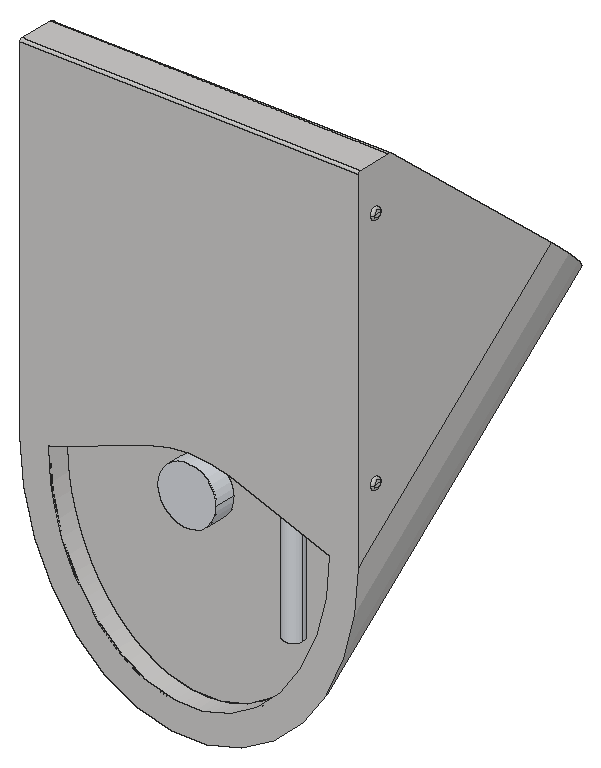
Revit family "DLB060015", category Appareils sanitaires, Revit 2015
Parameters (values of type "Type 1")
  Weight = "7.5kg"
  WarrantyDurationUnit = "10 years"
  WarrantyDescription = "Any manufacturing defect"
  Version = "v1"
  URL = "http://www.delabie.com"
  Radius (In) = 19 mm
  Radius (Out) = 41.5 mm
  Commentaires du type = "Wall-hung single urinal"
  SerialNumber = "3456330153720"
  ProductInformation = "http://www.delabie.com/products/134770\r\n"
  NominalWidth = 385 mm
  NominalLength = 350 mm
  NominalHeight = 585 mm
  Name = "DELTA urinal"
  ModelNumber = "134770"
  Modèle = "DELTA urinal"
  Material = 304 stainless steel
  ManufacturerURL = "http://www.delabie.com"
  ManufacturerName = "DELABIE"
  Fabricant = "DELABIE"
  Grade = "CE"
  Finish = Polished satin
  Features  = "Wall-hung single bowl urinal.\r\nCompatible with all standard frame systems on the market.\r\nBacteriostatic 304 stainless steel. Stainless steel thickness: 1.2mm.\r\nRear water inlet.\r\nRecessed horizontal waste outlet.\r\nSupplied with 1½\" P trap, fixing elements and theft prevention TORX security screws.\r\nCE marked. Complies with European standard EN 13407 for 2L flush.\r\nWeight: 7.5kg."
  Description = "French manufacturer Delabie is a leader in the European sanitary ware market for non-domestic places. Water controls, solutions for disabled people, sanitary ware, for schools, leisure centres, offices, hospitals, airports…"
  Category = "Urinal"
  Assembly Code = ""
Reference planes
  plane 1: y = 0
  plane 2 "Center (Left/Right)": x = 125
  plane 3 "Back": y = 75
Text (mm)
  text "Placement side" at (-1787.139, 592.35, 0), in view "Ref. Level"
  text "Placement side" at (0, 1827.695, 2917.686), in view "Left"
  text "Placement side" at (0, 562.268, 3853.606), in view "Right"
Dimensions and locks
  locked: plane 3 "Back" to host wall at 0
  aligned and locked: host wall to plane 1
Nested families
  nested 1: "0311160001" at (120.255, 75, 1000) x (1, 0, 0) z (0, 1, 0), type "0311160001"
Connectors
  piping at (120.255, 75, 924.551), diameter 41.5, driven by "Radius (Out)"
    settings: on nested 1, index 1, connector inside diameter 609.6 mm, connector length 0 mm, flow factor 0, pipe flow 0.0 L/s, pressure drop 0.0 Pa, fitting loss kfactor 0, connector angle 0.00°, fixture units 0, engagement length 0 mm, angle of deflection 0.00°, flow configuration 0, flow direction 2, fitting loss method 0, system type 16, joint type 0, gender type 0, connector reference index -1, connector utility 0, adjustable connector no, is connector primary yes, connector description "Evacuation"
  piping at (221.694, 85.72, 824.515), diameter 19, driven by "Radius (In)"
    settings: on nested 1, index 2, connector inside diameter 609.6 mm, connector length 0 mm, flow factor 0, pipe flow 0.0 L/s, pressure drop 0.0 Pa, fitting loss kfactor 0, connector angle 0.00°, fixture units 0, engagement length 0 mm, angle of deflection 0.00°, flow configuration 0, flow direction 1, fitting loss method 0, system type 7, joint type 0, gender type 0, connector reference index -1, connector utility 0, adjustable connector no, is connector primary no, connector description "Alimentation"
Definition of nested family "0311160001"
  Parameters (values of type "0311160001")
    URL = "http://www.delabie.fr/"
    Model = "DELABIE"
    Finition = none
    Default Elevation = 1000 mm
    Features 8 = "Weight: 7.5kg."
    Features 7 = "CE marked. Complies with European standard EN 13407 for 2L flush."
    Features 6 = "Supplied with 1½\" P trap, fixing elements and theft prevention TORX security screws."
    Features 5 = "Recessed horizontal waste outlet."
    Features 4 = "Rear water inlet."
    Features 3 = "Bacteriostatic 304 stainless steel. Stainless steel thickness: 1.2mm."
    Features 2 = "Compatible with all standard frame systems on the market."
    Features 1 = "Wall-hung single bowl urinal."
    COBie_Weight = "7.5kg"
    COBie_WarrantyDurationUnit = "10 years"
    COBie_WarrantyDescription = "Any manufacturing defect"
    COBie_Version = "v1"
    COBie_SerialNumber = "3456330153720"
    COBie_ProductInformation = "http://www.delabie.com/products/0311160001"
    COBie_NominalWidth = "38.5cm"
    COBie_NominalLength = "35cm"
    COBie_NominalHeight = "58.5cm"
    COBie_Name = "DELTA urinal"
    COBie_ModelNumber = "0311160001"
    COBie_Material = "304 stainless steel"
    COBie_ManufacturerURL = "http://www.delabie.com"
    COBie_ManufacturerName = "DELABIE"
    COBie_Grade = "CE"
    COBie_Finish = "Polished satin"
    COBie_Description = "Wall-hung single urinal"
    COBie_Category = "Urinal"
  Reference planes
    plane 1 "Center (Front/Back)": y = 0
    plane 2: z = 0
    plane 3 "Center (Left/Right)": x = 0
  Forms (mm)
    Extrusion 1, solid
      sketch origin (0, 0, 0) x (1, 0, 0) y (0, 1, 0)
        loop
          line (-1219.2, 1219.2) -> (-1219.2, -1219.2) -> (1219.2, -1219.2) -> (1219.2, 1219.2) -> (-1219.2, 1219.2)
      from 0 to -304.8
    Extrusion 2, solid, material <- "Finition"
      sketch origin (2.372, -419.879, -489.267) x (-1, 0, 0) y (0, -0.793534, -0.608526)
        loop
          line (-175, -401.97) -> (-175, -694.259)
          arc (-175, -694.259) -> (0, -869.259) -> (175, -694.259) r 175
          line (175, -694.259) -> (175, -401.97) -> (-175, -401.97)
      from -72.379 to 450
    Extrusion 3, void
      sketch origin (2.372, -740.073, -342.056) x (0, -1, 0) y (0, 0, 1)
        loop
          arc (-454.25, 382.99) -> (-453.781, 382.179) -> (-453.618, 381.256) r 2.698
          line (-453.618, 381.256) -> (-453.618, 344.756)
          arc (-453.618, 344.756) -> (-454.409, 342.847) -> (-456.318, 342.056) r 2.7
          line (-456.318, 342.056) -> (-1142.886, 342.056) -> (-678.419, -14.123) -> (-313.304, 461.998) -> (-894.573, 907.748) -> (-454.25, 382.99)
      from -184.462 to 186.834
    SweptBlend 4, void
      path origin (2.372, -740.073, -342.056) x (0, -1, 0) y (0, 0, 1)
        loop
          line (-610.661, 569.393) -> (-764.296, 440.478)
      profile origin (2.372, -129.412, 227.337) x (0, -0.642787, -0.766045) y (-1, 0, 0)
        loop
          arc (-94.027, -119.215) -> (9.357, -133.988) -> (112.74, -119.215) r 369.131
          arc (112.74, -119.215) -> (186.499, 0.283) -> (112.74, 119.782) r 133.681
          arc (112.74, 119.782) -> (9.357, 134.555) -> (-94.027, 119.782) r 369.131
          arc (-94.027, 119.782) -> (-167.786, 0.283) -> (-94.027, -119.215) r 133.681
      end profile origin (2.372, 24.223, 98.422) x (0, -0.642787, -0.766045) y (-1, 0, 0)
        loop
          circle (0, 0) r 25
    Revolve 5, solid, material <- "Finition"
      sketch origin (2.372, -499.879, -518.679) x (0, -0.898345, -0.43929) y (0, -0.43929, 0.898345)
        loop
          line (-521.667, 408.886) -> (-509.193, 415.242) -> (-514.198, 425.063) -> (-515.474, 425.503) -> (-527.113, 419.573) -> (-521.667, 408.886)
        axis (-527.113, 419.573) -> (-521.667, 408.886)
      angle from 0 to 360
    Revolve 6, solid, material <- "Finition"
      sketch origin (2.372, -239.917, -341.9) x (1, 0, 0) y (0, 0, -1)
        loop
          line (-162, -364.502) -> (-162, -362.056) -> (-178, -362.056) -> (-178, -365.579)
          spline (-178, -365.579) -> (-177.94, -366.196) -> (-177.776, -366.682) -> (-177.527, -367.052) -> (-177.216, -367.324) -> (-176.863, -367.513) -> (-176.489, -367.637) -> (-176.115, -367.711) -> (-175.763, -367.748) -> (-175.453, -367.744) -> (-175.205, -367.693) -> (-175.041, -367.589) -> (-174.982, -367.426)
          line (-174.982, -367.426) -> (-174.982, -365.073) -> (-162.572, -365.073) -> (-162, -364.502)
        axis (-178, -362.056) -> (-162, -362.056)
      angle from 0 to 360
    Revolve 7, solid, material <- "Finition"
      sketch origin (2.372, 10.027, -341.9) x (1, 0, 0) y (0, 0, -1)
        loop
          line (-162, -364.502) -> (-162, -362.056) -> (-178, -362.056) -> (-178, -365.579)
          spline (-178, -365.579) -> (-177.94, -366.196) -> (-177.776, -366.682) -> (-177.527, -367.052) -> (-177.216, -367.324) -> (-176.863, -367.513) -> (-176.489, -367.637) -> (-176.115, -367.711) -> (-175.763, -367.748) -> (-175.453, -367.744) -> (-175.205, -367.693) -> (-175.041, -367.589) -> (-174.982, -367.426)
          line (-174.982, -367.426) -> (-174.982, -365.073) -> (-162.572, -365.073) -> (-162, -364.502)
        axis (-178, -362.056) -> (-162, -362.056)
      angle from 0 to 360
    Revolve 8, solid, material <- "Finition"
      sketch origin (2.372, -239.917, -341.9) x (-1, 0, 0) y (0, 0, 1)
        loop
          line (-162, 364.502) -> (-162.572, 365.073) -> (-174.982, 365.073) -> (-174.982, 367.426)
          spline (-174.982, 367.426) -> (-175.041, 367.589) -> (-175.205, 367.693) -> (-175.453, 367.744) -> (-175.763, 367.748) -> (-176.115, 367.711) -> (-176.489, 367.637) -> (-176.863, 367.513) -> (-177.216, 367.324) -> (-177.527, 367.052) -> (-177.776, 366.682) -> (-177.94, 366.196) -> (-178, 365.579)
          line (-178, 365.579) -> (-178, 362.056) -> (-162, 362.056) -> (-162, 364.502)
        axis (-178, 362.056) -> (-162, 362.056)
      angle from 0 to 360
    Revolve 9, solid, material <- "Finition"
      sketch origin (2.372, 10.027, -341.9) x (-1, 0, 0) y (0, 0, 1)
        loop
          line (-162, 364.502) -> (-162.572, 365.073) -> (-174.982, 365.073) -> (-174.982, 367.426)
          spline (-174.982, 367.426) -> (-175.041, 367.589) -> (-175.205, 367.693) -> (-175.453, 367.744) -> (-175.763, 367.748) -> (-176.115, 367.711) -> (-176.489, 367.637) -> (-176.863, 367.513) -> (-177.216, 367.324) -> (-177.527, 367.052) -> (-177.776, 366.682) -> (-177.94, 366.196) -> (-178, 365.579)
          line (-178, 365.579) -> (-178, 362.056) -> (-162, 362.056) -> (-162, 364.502)
        axis (-178, 362.056) -> (-162, 362.056)
      angle from 0 to 360
    Extrusion 10, solid, material <- "Finition", not visible
      sketch origin (2.372, -419.879, -489.467) x (-1, 0, 0) y (0, -0.793534, -0.608526)
        loop
          line (-175, -401.97) -> (-175, -694.259)
          arc (-175, -694.259) -> (0, -869.259) -> (175, -694.259) r 175
          line (175, -694.259) -> (175, -401.97) -> (-175, -401.97)
      from -72.379 to 450
    Extrusion 11, void, not visible
      sketch origin (2.372, -740.073, -342.256) x (0, -1, 0) y (0, 0, 1)
        loop
          arc (-454.25, 382.99) -> (-453.781, 382.179) -> (-453.618, 381.256) r 2.698
          line (-453.618, 381.256) -> (-453.618, 344.756)
          arc (-453.618, 344.756) -> (-454.409, 342.847) -> (-456.318, 342.056) r 2.7
          line (-456.318, 342.056) -> (-1142.886, 342.056) -> (-678.419, -14.123) -> (-313.304, 461.998) -> (-894.573, 907.748) -> (-454.25, 382.99)
      from -184.462 to 186.834
    SweptBlend 12, void, not visible
      path origin (2.372, -740.073, -342.256) x (0, -1, 0) y (0, 0, 1)
        loop
          line (-610.661, 569.393) -> (-764.296, 440.478)
      profile origin (2.372, -129.412, 227.137) x (0, -0.642787, -0.766045) y (-1, 0, 0)
        loop
          arc (-94.027, -119.215) -> (9.357, -133.988) -> (112.74, -119.215) r 369.131
          arc (112.74, -119.215) -> (186.499, 0.283) -> (112.74, 119.782) r 133.681
          arc (112.74, 119.782) -> (9.357, 134.555) -> (-94.027, 119.782) r 369.131
          arc (-94.027, 119.782) -> (-167.786, 0.283) -> (-94.027, -119.215) r 133.681
      end profile origin (2.372, 24.223, 98.222) x (0, -0.642787, -0.766045) y (-1, 0, 0)
        loop
          circle (0, 0) r 25
    Revolve 13, solid, material <- "Finition", not visible
      sketch origin (2.372, -499.879, -518.879) x (0, -0.898345, -0.43929) y (0, -0.43929, 0.898345)
        loop
          line (-521.667, 408.886) -> (-509.193, 415.242) -> (-514.198, 425.063) -> (-515.474, 425.503) -> (-527.113, 419.573) -> (-521.667, 408.886)
        axis (-527.113, 419.573) -> (-521.667, 408.886)
      angle from 0 to 360
    Revolve 14, solid, material <- "Finition", not visible
      sketch origin (2.372, -239.917, -342.1) x (1, 0, 0) y (0, 0, -1)
        loop
          line (-162, -364.502) -> (-162, -362.056) -> (-178, -362.056) -> (-178, -365.579)
          spline (-178, -365.579) -> (-177.94, -366.196) -> (-177.776, -366.682) -> (-177.527, -367.052) -> (-177.216, -367.324) -> (-176.863, -367.513) -> (-176.489, -367.637) -> (-176.115, -367.711) -> (-175.763, -367.748) -> (-175.453, -367.744) -> (-175.205, -367.693) -> (-175.041, -367.589) -> (-174.982, -367.426)
          line (-174.982, -367.426) -> (-174.982, -365.073) -> (-162.572, -365.073) -> (-162, -364.502)
        axis (-178, -362.056) -> (-162, -362.056)
      angle from 0 to 360
    Revolve 15, solid, material <- "Finition", not visible
      sketch origin (2.372, 10.027, -342.1) x (1, 0, 0) y (0, 0, -1)
        loop
          line (-162, -364.502) -> (-162, -362.056) -> (-178, -362.056) -> (-178, -365.579)
          spline (-178, -365.579) -> (-177.94, -366.196) -> (-177.776, -366.682) -> (-177.527, -367.052) -> (-177.216, -367.324) -> (-176.863, -367.513) -> (-176.489, -367.637) -> (-176.115, -367.711) -> (-175.763, -367.748) -> (-175.453, -367.744) -> (-175.205, -367.693) -> (-175.041, -367.589) -> (-174.982, -367.426)
          line (-174.982, -367.426) -> (-174.982, -365.073) -> (-162.572, -365.073) -> (-162, -364.502)
        axis (-178, -362.056) -> (-162, -362.056)
      angle from 0 to 360
    Revolve 16, solid, material <- "Finition", not visible
      sketch origin (2.372, -239.917, -342.1) x (-1, 0, 0) y (0, 0, 1)
        loop
          line (-162, 364.502) -> (-162.572, 365.073) -> (-174.982, 365.073) -> (-174.982, 367.426)
          spline (-174.982, 367.426) -> (-175.041, 367.589) -> (-175.205, 367.693) -> (-175.453, 367.744) -> (-175.763, 367.748) -> (-176.115, 367.711) -> (-176.489, 367.637) -> (-176.863, 367.513) -> (-177.216, 367.324) -> (-177.527, 367.052) -> (-177.776, 366.682) -> (-177.94, 366.196) -> (-178, 365.579)
          line (-178, 365.579) -> (-178, 362.056) -> (-162, 362.056) -> (-162, 364.502)
        axis (-178, 362.056) -> (-162, 362.056)
      angle from 0 to 360
    Revolve 17, solid, material <- "Finition", not visible
      sketch origin (2.372, 10.027, -342.1) x (-1, 0, 0) y (0, 0, 1)
        loop
          line (-162, 364.502) -> (-162.572, 365.073) -> (-174.982, 365.073) -> (-174.982, 367.426)
          spline (-174.982, 367.426) -> (-175.041, 367.589) -> (-175.205, 367.693) -> (-175.453, 367.744) -> (-175.763, 367.748) -> (-176.115, 367.711) -> (-176.489, 367.637) -> (-176.863, 367.513) -> (-177.216, 367.324) -> (-177.527, 367.052) -> (-177.776, 366.682) -> (-177.94, 366.196) -> (-178, 365.579)
          line (-178, 365.579) -> (-178, 362.056) -> (-162, 362.056) -> (-162, 364.502)
        axis (-178, 362.056) -> (-162, 362.056)
      angle from 0 to 360
    Extrusion 18, void
      sketch origin (0, 0, 0) x (1, 0, 0) y (0, 1, 0)
        loop
          spline (147.372, 79.754) -> (142.073, 130.608) -> (126.665, 177.542) -> (102.61, 217.1) -> (72.183, 246.564) -> (38.027, 264.425) -> (2.372, 270.352) -> (-33.288, 264.423) -> (-67.444, 246.56) -> (-97.861, 217.105) -> (-121.921, 177.541) -> (-137.327, 130.61) -> (-142.628, 79.754)
          line (-142.628, 79.754) -> (-39.261, 42.132)
          arc (-39.261, 42.132) -> (2.372, 34.791) -> (44.006, 42.132) r 121.729
          line (44.006, 42.132) -> (147.372, 79.754)
      from 0 to 22.3
    Extrusion 19, solid
      sketch origin (0, 0, 0) x (1, 0, 0) y (0, 1, 0)
        loop
          circle (0, 75.449) r 30
      from 0 to 42.664
    Extrusion 20, solid
      sketch origin (-30, 0, -20.312) x (1, 0, 0) y (0, 0, 1)
        loop
          circle (131.439, 31.033) r 10
      from -175.485 to 250
  Cuts and joins
    Extrusion 3, SweptBlend 4, Extrusion 18 cuts Extrusion 2
  Dimensions and locks
    locked: cut or joined group of Extrusion 2, Extrusion 3, SweptBlend 4, Extrusion 18 to level at 0
    aligned and locked: plane 2 to Extrusion 1
    aligned and locked: level to Extrusion 1
